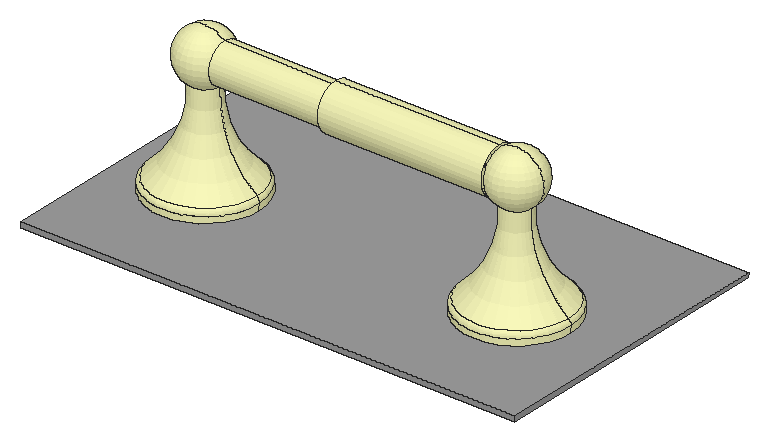
Revit family "663TP", category Plumbing Fixtures, host Face, Revit 2019
Family settings
  Host = Face
  Round Connector Dimension = Use Diameter
  Part Type = Normal
  OmniClass Number = 23.65.70.11.11
  OmniClass Title = Fixtures for Liquids
  Cut with Voids When Loaded = No
  Shared = No
  Room Calculation Point = No
Parameters (values of type "Satin Nickel")
  z Has Trim = no
  z Has Rebuild Kit Trim Only = no
  Waste Connection = no
  Vent Connection = no
  URL = ""
  Product Material = Nickel - Symmons - Satin
  Model = ""
  Manufacturer = ""
  HW Connection = no
  Gallons Per Minute = 0.000 GPM
  Description = ""
  Default Elevation = 0.000"
  Date Modified = ""
  Date Created = ""
  CW Connection = no
Types (2): name | Product Material
  Satin Nickel | Nickel - Symmons - Satin
  Polished Chrome | Chrome - Symmons - Polished
Reference planes (in)
  plane 1 "Center (Front/Back)": y = 0
  plane 2 "Center (Elevation)": z = 0
  plane 3 "Center (Left/Right)": x = 0
  plane 4: z = 0
  plane 5: z = 0
Forms (in)
  Extrusion 1, solid, material "Default"
    sketch origin (0, 0, 0) x (1, 0, 0) y (0, 1, 0)
      loop
        line (-4.75, 3.25) -> (-4.75, -2.61135) -> (5.17681, -2.61135) -> (5.17681, 3.25) -> (-4.75, 3.25)
    from 0 to -0.106
  Revolve 2, solid, material "Nickel - Symmons - Satin" <- "Product Material"
    sketch origin (0, 0, 0) x (1, 0, 0) y (0, 0, 1)
      loop
        line (4.2165, 0) -> (4.2165, 0.12411)
        arc (4.2165, 0.12411) -> (4.2016, 0.18833) -> (4.1612, 0.24043) r 0.15396
        arc (4.1612, 0.24043) -> (3.58562, 1.01401) -> (3.424, 1.96459) r 2.06507
        arc (3.424, 1.96459) -> (3.6512, 2.57498) -> (3.12907, 2.9643) r 0.54296
        line (3.12907, 2.9643) -> (3.12907, 0) -> (4.2165, 0)
      axis (3.12907, 2.9643) -> (3.12907, 0)
    angle from 0 to 360
  Sweep 3, solid, material "Nickel - Symmons - Satin" <- "Product Material"
    path origin (0, 0, 0) x (1, 0, 0) y (0, 0, 1)
      loop
        line (2.7825, 2.88107) -> (-0.5025, 2.88107)
    profile origin (1.14, 0, 2.88107) x (0, 0, -1) y (0, -1, 0)
      loop
        circle (0.45824, 0) r 0.45824
  Sweep 4, solid, material "Nickel - Symmons - Satin" <- "Product Material"
    path origin (0, 0, 0) x (1, 0, 0) y (0, 0, 1)
      loop
        line (-2.7825, 2.81357) -> (-0.5025, 2.81357)
    profile origin (-1.6425, 0, 2.81357) x (0, 0, 1) y (0, -1, 0)
      loop
        circle (-0.39231, 0) r 0.39231
  Revolve 5, solid, material "Nickel - Symmons - Satin" <- "Product Material"
    sketch origin (0, 0, 0) x (-1, 0, 0) y (0, 0, -1)
      loop
        line (4.2165, 0) -> (3.12907, 0) -> (3.12907, -2.9643)
        arc (3.12907, -2.9643) -> (3.6512, -2.57498) -> (3.424, -1.96459) r 0.54296
        arc (3.424, -1.96459) -> (3.58562, -1.01401) -> (4.1612, -0.24043) r 2.06507
        arc (4.1612, -0.24043) -> (4.2016, -0.18833) -> (4.2165, -0.12411) r 0.15396
        line (4.2165, -0.12411) -> (4.2165, 0)
      axis (3.12907, -2.9643) -> (3.12907, 0)
    angle from 0 to 360
Dimensions and locks (in)
  plane 4 to plane 2 "Center (Elevation)" = 0.000"
  plane 5 to plane 4 = 0.000"
  aligned and locked: plane 2 "Center (Elevation)" to Extrusion 1
  aligned and locked: level to Extrusion 1
